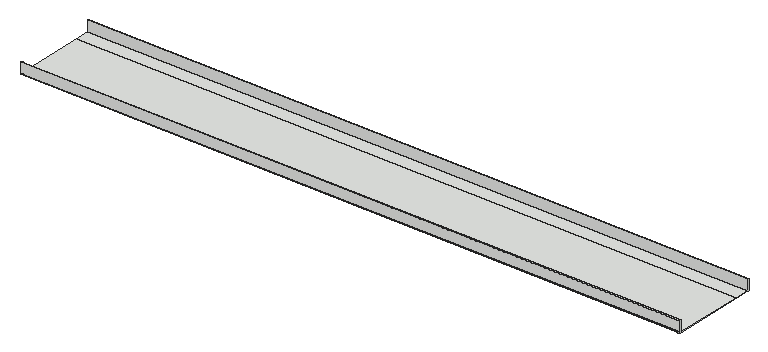
Revit family "profiles PR825 2015", category Generic Models, Revit 2015
Parameters (values of type "ISOLAMIN PR825 flashing")
  Profile Length [instance] = 1180 mm
Reference planes
  plane 1 "Center (Front/Back)": y = 0
  plane 2: z = 0
  plane 3 "Center (Left/Right)": x = 0
  plane 4: x = 1180
Forms (mm)
  Extrusion 1, solid, material "ISOLAMIN Surface Material"
    sketch origin (0, 15.46, -18.534) x (0, 1, 0) y (0, 0, 1)
      loop
        line (-15.46, 38.534) -> (-16.46, 38.534) -> (-16.46, 19.534) -> (-41.719, 19.534) -> (-167.496, 19.534) -> (-167.496, 38.534) -> (-168.496, 38.534) -> (-168.496, 19.534)
        arc (-168.496, 19.534) -> (-168.203, 18.827) -> (-167.496, 18.534) r 1
        line (-167.496, 18.534) -> (-41.719, 18.534) -> (-16.46, 18.534)
        arc (-16.46, 18.534) -> (-15.752, 18.827) -> (-15.46, 19.534) r 1
        line (-15.46, 19.534) -> (-15.46, 38.534)
    from 0 to 1180
Dimensions and locks
  "Profile Length": plane 3 "Center (Left/Right)" to plane 4
  level to level = 0 mm
  aligned and locked: level to plane 2
  aligned and locked: plane 4 to Extrusion 1
Automatic sketch dimensions
  plane 1 "Center (Front/Back)" to Extrusion 1 sketch curve = 1 mm
  Extrusion 1 sketch curve to Extrusion 1 sketch curve = 1 mm
  level to Extrusion 1 sketch curve = 1 mm
  Extrusion 1 sketch curve to Extrusion 1 sketch curve = 19 mm  (x2)
  Extrusion 1 sketch curve to Extrusion 1 sketch curve = 25.26 mm
  Extrusion 1 sketch curve to Extrusion 1 sketch curve = 125.776 mm
  Extrusion 1 sketch curve to Extrusion 1 sketch curve = 0 mm  (x5)
